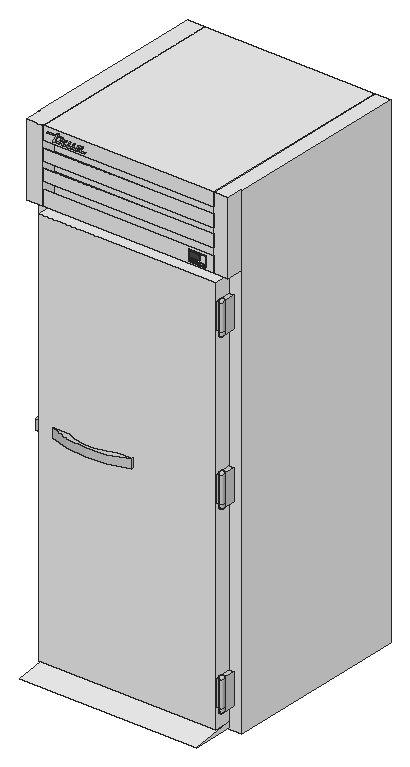
Revit family
Parameters
  Weight in Pounds = 0
  Watts = 2000 W
  Volts = 115 V
  URL Cutsheet = "www.truemfg.com"
  URL = "www.truemfg.com"
  Type Mark [instance] = ""
  Type Comments = ""
  Status [instance] = ""
  Specification by User [instance] = ""
  Specification by Manufacturer = ""
  Show Logo [instance] = yes
  Show Clearance [instance] = yes
  Serial Number = ""
  Seismic Rating = ""
  SMACNA No = ""
  Revision Code [instance] = ""
  Phase = 1
  Omniclass Number and Title = ""
  Number of Poles [instance] = 1
  NAFEM Spec ID Number = ""
  Model = "STA1HRI-1S"
  Min Ckt Ampacity = 0 A
  Max Overcurrent Protection = 0 A
  Masterspec = ""
  Manufacturer = "TRUE FOOD SERVICE EQUIPMENT, INC."
  Length = 35"
  Item Number [instance] = ""
  Installed By [instance] = ""
  Identify Quantity as Lot [instance] = yes
  Height = 83 3/4"
  HP = ""
  Furnished By [instance] = ""
  Foodservice Equipment Identifier [instance] = yes
  FL Amps = Watts / Volts  # 17.3913 A
  Electrical Remarks [instance] = ""
  Electric Connection Type [instance] = ""
  Elec Conn RI Height [instance] = 0"
  Elec Conn Connection Height [instance] = 0"
  Description = "Reach-in Solid Swing Heated Cabinet"
  Depth = 34 3/4"
  Cycle = 60 Hz
  Conn Plug = "14-20P"
  Conn Conduit = yes
  CSI MasterFormat = ""
  CSI Master Format = ""
  Apparent Power = if(Phase = 3, Volts * FL Amps * 1.73, Volts * FL Amps)  # 2000 VA
Reference planes (in)
  plane 1 "BACK": y = 0
  plane 2: z = 0
  plane 3 "LEFT": x = 0
  plane 4 "RIGHT": x = 35
  plane 5 "FRONT": y = -34.75
  plane 6 "TOP": z = 83.75
  plane 7: x = 2.84375
  plane 8: y = -34.7042
  plane 9: x = 32.15625
  plane 10: z = 69.90625
Forms (in)
  Extrusion 1, solid, material "QF_Finishes_Chrome - Satin"
    sketch origin (0.05, 0, 0) x (1, 0, 0) y (0, 1, 0)
      loop
        line (-0.05, 0) -> (-0.05, -32) -> (2.87859, -32) -> (2.87859, 0) -> (-0.05, 0)
    from 0 to 83.75
  Extrusion 2, solid, material "QF_Finishes_Chrome - Satin"
    sketch origin (50.15, 0, 0) x (1, 0, 0) y (0, 1, 0)
      loop
        line (-17.85, 0) -> (-17.85, -32) -> (-15.15, -32) -> (-15.15, 0) -> (-17.85, 0)
    from 0 to 83.75
  Extrusion 3, solid, material "QF_Finishes_Chrome - Satin"
    sketch origin (0, 0, 0) x (0, 1, 0) y (0, 0, 1)
      loop
        line (-34.7042, 71.28125) -> (-32, 71.28125) -> (-32, 0) -> (0, 0) -> (0, 83.75) -> (-34.7042, 83.75) -> (-34.7042, 81.46828) -> (-32.5, 79.90102) -> (-32.5, 78.77875) -> (-34.7042, 80.34601) -> (-34.7042, 78.2123) -> (-32.5, 76.64504) -> (-32.5, 75.68428) -> (-34.7042, 77.25154) -> (-34.7042, 75.15534) -> (-32.5, 73.58807) -> (-32.5, 72.3125) -> (-34.7042, 73.87976) -> (-34.7042, 71.28125)
    from 2.92859 to 32.3
  Extrusion 4, solid, material "QF_Finishes_Chrome - Satin"
    sketch origin (0, 0, 0) x (1, 0, 0) y (0, 1, 0)
      loop
        line (34.84782, -32) -> (32.3, -32) -> (32.3, -34.75) -> (34.84782, -34.75) -> (34.84782, -32)
    from 71.28125 to 83.75
  Extrusion 5, solid, material "QF_Finishes_Chrome - Satin"
    sketch origin (-50.125, 0, 0.25) x (1, 0, 0) y (0, 1, 0)
      loop
        line (53.05359, -32) -> (50.24109, -32) -> (50.24109, -34.75) -> (53.05359, -34.75) -> (53.05359, -32)
    from 71.03125 to 83.5
  Extrusion 6, solid, material "QF_Finishes_Chrome - Satin"
    sketch origin (-24.96875, -1, -0.71875) x (1, 0, 0) y (0, 0, 1)
      loop
        line (27.25, 1.71875) -> (57.65625, 1.71875) -> (57.65625, 70.625) -> (27.25, 70.625) -> (27.25, 1.71875)
    from 31 to 33.75
  Extrusion 7, solid, material "QF_Finishes_Handrails and Railings"
    sketch origin (58.625, -0.25, 25.43519) x (1, 0, 0) y (0, 1, 0)
      loop
        line (-53.875, -34.5) -> (-53.875, -34.7)
        arc (-53.875, -34.7) -> (-47.075, -36.14405) -> (-40.275, -34.7) r 16.7325
        line (-40.275, -34.7) -> (-40.275, -34.5) -> (-42.675, -34.5)
        arc (-42.675, -34.5) -> (-47.075, -35.65816) -> (-51.475, -34.5) r 8.93715
        line (-51.475, -34.5) -> (-53.875, -34.5)
    from 10.87731 to 12.37731
  Extrusion 8, solid, material "QF_Finishes_Handrails and Railings"
    sketch origin (-23.375, 0, -3) x (1, 0, 0) y (0, 0, 1)
      loop
        circle (26.4375, 40.0625) r 0.35
      loop
        line (26.47265, 40.33635) -> (26.41715, 40.33635) -> (26.41715, 39.76895) -> (26.47265, 39.76895) -> (26.47265, 40.33635)
    from 33.5 to 33.83066
  Extrusion 9, solid, material "QF_Finishes_Handrails and Railings", visible <- "Show Logo"
    sketch origin (0.33478, 0.06376, 5.01857) x (1, 0, 0) y (0, 0, 1)
      loop
        line (3.46044, 78.08731) -> (3.35478, 77.86073) -> (4.76027, 77.86073)
        arc (4.76027, 77.86073) -> (4.78879, 77.81028) -> (4.76027, 77.75984) r 0.05887
        line (4.76027, 77.75984) -> (4.39369, 76.97372)
        arc (4.39369, 76.97372) -> (4.39051, 76.90091) -> (4.43975, 76.84717) r 0.09523
        line (4.43975, 76.84717) -> (5.33844, 76.84717)
        arc (5.33844, 76.84717) -> (5.45192, 76.88295) -> (5.52436, 76.97735) r 0.19785
        line (5.52436, 76.97735) -> (5.81285, 77.59601) -> (6.0779, 77.59601)
        arc (6.0779, 77.59601) -> (6.14744, 77.57043) -> (6.13737, 77.49703) r 0.05911
        line (6.13737, 77.49703) -> (5.89598, 76.97937)
        arc (5.89598, 76.97937) -> (5.89974, 76.8934) -> (5.97231, 76.84717) r 0.09318
        line (5.97231, 76.84717) -> (6.76198, 76.84717)
        arc (6.76198, 76.84717) -> (6.82249, 76.86919) -> (6.85468, 76.92495) r 0.09412
        arc (6.85468, 76.92495) -> (6.87746, 76.86995) -> (6.93246, 76.84717) r 0.07778
        line (6.93246, 76.84717) -> (7.43246, 76.84717)
        arc (7.43246, 76.84717) -> (7.49022, 76.86265) -> (7.53251, 76.90493) r 0.11552
        arc (7.53251, 76.90493) -> (7.55275, 76.85606) -> (7.60162, 76.83581) r 0.06912
        line (7.60162, 76.83581) -> (8.31225, 76.83581)
        arc (8.31225, 76.83581) -> (8.37034, 76.85988) -> (8.39441, 76.91797) r 0.08216
        arc (8.39441, 76.91797) -> (8.44767, 76.86472) -> (8.52042, 76.84522) r 0.14551
        line (8.52042, 76.84522) -> (9.85158, 76.84522) -> (9.99946, 77.10134) -> (8.65678, 77.10134)
        arc (8.65678, 77.10134) -> (8.61972, 77.12704) -> (8.61834, 77.17211) r 0.05009
        line (8.61834, 77.17211) -> (8.64157, 77.22192)
        arc (8.64157, 77.22192) -> (8.67723, 77.26864) -> (8.73327, 77.28635) r 0.09747
        line (8.73327, 77.28635) -> (9.16485, 77.28635)
        arc (9.16485, 77.28635) -> (9.258, 77.31131) -> (9.32619, 77.3795) r 0.1863
        line (9.32619, 77.3795) -> (9.45119, 77.59601)
        arc (9.45119, 77.59601) -> (9.45119, 77.71157) -> (9.35111, 77.76934) r 0.11556
        line (9.35111, 77.76934) -> (8.89562, 77.76934)
        arc (8.89562, 77.76934) -> (8.7795, 77.74962) -> (8.69849, 77.66412) r 0.18605
        line (8.69849, 77.66412) -> (8.48204, 77.19993)
        arc (8.48204, 77.19993) -> (8.41815, 77.11667) -> (8.31806, 77.08511) r 0.1745
        line (8.31806, 77.08511) -> (7.84559, 77.08511)
        arc (7.84559, 77.08511) -> (7.78903, 77.14684) -> (7.79268, 77.23048) r 0.10939
        line (7.79268, 77.23048) -> (8.04395, 77.76934) -> (7.88403, 77.76934) -> (7.61781, 77.19844)
        arc (7.61781, 77.19844) -> (7.56609, 77.13103) -> (7.48505, 77.10548) r 0.14128
        line (7.48505, 77.10548) -> (7.15925, 77.10548)
        arc (7.15925, 77.10548) -> (7.10419, 77.17723) -> (7.116, 77.26689) r 0.11816
        line (7.116, 77.26689) -> (7.3503, 77.76934) -> (7.18514, 77.76934) -> (6.91546, 77.191)
        arc (6.91546, 77.191) -> (6.85285, 77.12839) -> (6.76733, 77.10548) r 0.17104
        line (6.76733, 77.10548) -> (6.29555, 77.10548)
        arc (6.29555, 77.10548) -> (6.21082, 77.14499) -> (6.20267, 77.23813) r 0.0935
        line (6.20267, 77.23813) -> (6.35774, 77.57069) -> (6.57695, 77.57069)
        arc (6.57695, 77.57069) -> (6.61395, 77.68217) -> (6.69267, 77.76934) r 0.2857
        line (6.69267, 77.76934) -> (5.83605, 77.76934)
        arc (5.83605, 77.76934) -> (5.74086, 77.74824) -> (5.67498, 77.67635) r 0.16212
        line (5.67498, 77.67635) -> (5.44279, 77.17841)
        arc (5.44279, 77.17841) -> (5.3894, 77.12502) -> (5.31647, 77.10548) r 0.14586
        line (5.31647, 77.10548) -> (4.80506, 77.10548)
        arc (4.80506, 77.10548) -> (4.76514, 77.15942) -> (4.77274, 77.22609) r 0.09155
        line (4.77274, 77.22609) -> (5.11018, 77.86073) -> (5.96155, 77.86073) -> (6.06721, 78.08731) -> (5.21584, 78.08731) -> (5.32149, 78.31388) -> (5.01862, 78.31388) -> (4.91297, 78.08731) -> (3.46044, 78.08731)
      loop
        arc (8.83805, 77.56363) -> (8.80119, 77.55375) -> (8.7742, 77.52676) r 0.07373
        line (8.7742, 77.52676) -> (8.75229, 77.45936)
        arc (8.75229, 77.45936) -> (8.76245, 77.43483) -> (8.78699, 77.42466) r 0.0347
        line (8.78699, 77.42466) -> (9.15948, 77.42466)
        arc (9.15948, 77.42466) -> (9.18632, 77.43061) -> (9.20812, 77.44734) r 0.0635
        line (9.20812, 77.44734) -> (9.22624, 77.53122)
        arc (9.22624, 77.53122) -> (9.22091, 77.55368) -> (9.20009, 77.56363) r 0.02676
        line (9.20009, 77.56363) -> (8.83805, 77.56363)
    from 34.76797 to 34.83173
  Extrusion 10, solid, material "QF_Finishes_White"
    sketch origin (-22.74812, 0.0458, -7.91247) x (1, 0, 0) y (0, 0, 1)
      loop
        line (50.81732, 81.35727) -> (50.81732, 79.60996) -> (53.72357, 79.60996) -> (53.72357, 81.35727) -> (50.81732, 81.35727)
    from 34.75 to 34.76797
  Extrusion 11, solid, material "QF_Finishes_Black"
    sketch origin (-22.74812, 0.0458, -7.91247) x (1, 0, 0) y (0, 0, 1)
      loop
        line (53.78607, 81.41977) -> (50.75482, 81.41977) -> (50.75482, 79.54746) -> (53.78607, 79.54746) -> (53.78607, 81.41977)
      loop
        spline (50.95482, 79.87872) -> (50.96333, 79.86254) -> (50.98831, 79.84747) -> (51.02804, 79.83452) -> (51.07982, 79.82459) -> (51.14011, 79.81835) -> (51.20482, 79.81622) -> (51.26952, 79.81835) -> (51.32982, 79.82459) -> (51.38159, 79.83452) -> (51.42132, 79.84747) -> (51.4463, 79.86254) -> (51.45482, 79.87872)
        spline (51.45482, 79.87872) -> (51.4463, 79.89489) -> (51.42132, 79.90997) -> (51.38159, 79.92291) -> (51.32982, 79.93284) -> (51.26952, 79.93909) -> (51.20482, 79.94122) -> (51.14011, 79.93909) -> (51.07982, 79.93284) -> (51.02804, 79.92291) -> (50.98831, 79.90997) -> (50.96333, 79.89489) -> (50.95482, 79.87872)
      loop
        spline (51.65083, 79.87872) -> (51.65935, 79.86254) -> (51.68432, 79.84747) -> (51.72405, 79.83452) -> (51.77583, 79.82459) -> (51.83612, 79.81835) -> (51.90083, 79.81622) -> (51.96553, 79.81835) -> (52.02583, 79.82459) -> (52.07761, 79.83452) -> (52.11734, 79.84747) -> (52.14231, 79.86254) -> (52.15083, 79.87872)
        spline (52.15083, 79.87872) -> (52.14231, 79.89489) -> (52.11734, 79.90997) -> (52.07761, 79.92291) -> (52.02583, 79.93284) -> (51.96553, 79.93909) -> (51.90083, 79.94122) -> (51.83612, 79.93909) -> (51.77583, 79.93284) -> (51.72405, 79.92291) -> (51.68432, 79.90997) -> (51.65935, 79.89489) -> (51.65083, 79.87872)
      loop
        spline (52.40083, 79.87872) -> (52.40935, 79.86254) -> (52.43432, 79.84747) -> (52.47405, 79.83452) -> (52.52583, 79.82459) -> (52.58612, 79.81835) -> (52.65083, 79.81622) -> (52.71553, 79.81835) -> (52.77583, 79.82459) -> (52.82761, 79.83452) -> (52.86734, 79.84747) -> (52.89231, 79.86254) -> (52.90083, 79.87872)
        spline (52.90083, 79.87872) -> (52.89231, 79.89489) -> (52.86734, 79.90997) -> (52.82761, 79.92291) -> (52.77583, 79.93284) -> (52.71553, 79.93909) -> (52.65083, 79.94122) -> (52.58612, 79.93909) -> (52.52583, 79.93284) -> (52.47405, 79.92291) -> (52.43432, 79.90997) -> (52.40935, 79.89489) -> (52.40083, 79.87872)
      loop
        line (50.95481, 81.21978) -> (50.95481, 80.21978) -> (52.65433, 80.21978) -> (52.65433, 81.21978) -> (50.95481, 81.21978)
      loop
        line (53.72357, 81.35727) -> (50.81732, 81.35727) -> (50.81732, 79.60996) -> (53.72357, 79.60996) -> (53.72357, 81.35727)
      loop
        spline (53.15083, 79.87872) -> (53.15935, 79.86254) -> (53.18432, 79.84747) -> (53.22405, 79.83452) -> (53.27583, 79.82459) -> (53.33612, 79.81835) -> (53.40083, 79.81622) -> (53.46553, 79.81835) -> (53.52583, 79.82459) -> (53.57761, 79.83452) -> (53.61734, 79.84747) -> (53.64231, 79.86254) -> (53.65083, 79.87872)
        spline (53.65083, 79.87872) -> (53.64231, 79.89489) -> (53.61734, 79.90997) -> (53.57761, 79.92291) -> (53.52583, 79.93284) -> (53.46553, 79.93909) -> (53.40083, 79.94122) -> (53.33612, 79.93909) -> (53.27583, 79.93284) -> (53.22405, 79.92291) -> (53.18432, 79.90997) -> (53.15935, 79.89489) -> (53.15083, 79.87872)
    from 34.76797 to 34.80335
  Extrusion 12, solid
    sketch origin (-25.125, 0, 0) x (1, 0, 0) y (0, 0, 1)
      loop
        circle (56.875, 81.625) r 0.25
    from 0 to 0.0625
  Blend 13, solid, material "QF_Finishes_Handrails and Railings"
    base sketch origin (27.53125, -1, -1) x (-1, 0, 0) y (0, 0, -1)
      loop
        line (25.25, -38.99169) -> (26, -38.99169) -> (26, -37.24169) -> (25.25, -37.24169) -> (25.25, -38.99169)
    top sketch origin (27.53125, 0, -1) x (-1, 0, 0) y (0, 0, -1)
      loop
        line (26.18223, -36.6441) -> (25.25, -36.6441) -> (25.25, -39.42643) -> (26.18223, -39.42643) -> (26.18223, -36.6441)
    from 33.57883 to 32
  Extrusion 14, solid, material "QF_Finishes_Handrails and Railings"
    sketch origin (33.78125, 0, 3) x (0, 1, 0) y (0, 0, -1)
      loop
        line (-32, -64.17729) -> (-32, -58.86127) -> (-34.25, -58.86127) -> (-34.25, -59.57348) -> (-33.81497, -59.57348) -> (-33.81497, -63.97276)
        arc (-33.81497, -63.97276) -> (-33.75506, -64.11738) -> (-33.61044, -64.17729) r 0.20453
        line (-33.61044, -64.17729) -> (-32, -64.17729)
    from 0.17506 to 1
  Revolve 15, solid, material "QF_Finishes_Handrails and Railings"
    sketch origin (33.28125, 0, 3) x (0, 1, 0) y (0, 0, -1)
      loop
        line (-34.26563, -59.62689) -> (-34.67229, -59.62689) -> (-34.67229, -64.0986)
        arc (-34.67229, -64.0986) -> (-34.53722, -64.35057) -> (-34.26563, -64.43983) r 0.3848
        line (-34.26563, -64.43983) -> (-34.26563, -59.62689)
      loop
        line (-34.26563, -59.57348) -> (-34.26563, -58.67281)
        arc (-34.26563, -58.67281) -> (-34.53264, -58.75883) -> (-34.67229, -59.00212) r 0.38884
        line (-34.67229, -59.00212) -> (-34.67229, -59.57348) -> (-34.26563, -59.57348)
      axis (-34.26563, -58.67281) -> (-34.26563, -64.43983)
    angle from 0 to 360
  Extrusion 16, solid, material "QF_Finishes_Handrails and Railings"
    sketch origin (27.5, -1.07734, 3.0011) x (-1, 0, 0) y (0, 0, -1)
      loop
        line (-5.58509, -64.0986) -> (-5.1875, -64.0986) -> (-5.1875, -59.62579) -> (-5.58509, -59.62579) -> (-5.58509, -64.0986)
    from 32.81497 to 33.59495
  Extrusion 17, solid, material "QF_Finishes_Handrails and Railings"
    sketch origin (33.78125, 0, -24) x (0, 1, 0) y (0, 0, -1)
      loop
        line (-32, -64.55229) -> (-32, -59.23627) -> (-34.25, -59.23627) -> (-34.25, -59.94848) -> (-33.81497, -59.94848) -> (-33.81497, -64.34776)
        arc (-33.81497, -64.34776) -> (-33.75506, -64.49238) -> (-33.61044, -64.55229) r 0.20453
        line (-33.61044, -64.55229) -> (-32, -64.55229)
    from 0.17506 to 1
  Revolve 18, solid, material "QF_Finishes_Handrails and Railings"
    sketch origin (33.28125, 0, -24) x (0, 1, 0) y (0, 0, -1)
      loop
        line (-34.26563, -60.00189) -> (-34.67229, -60.00189) -> (-34.67229, -64.4736)
        arc (-34.67229, -64.4736) -> (-34.53722, -64.72557) -> (-34.26563, -64.81483) r 0.3848
        line (-34.26563, -64.81483) -> (-34.26563, -60.00189)
      loop
        line (-34.26563, -59.94848) -> (-34.26563, -59.04781)
        arc (-34.26563, -59.04781) -> (-34.53264, -59.13383) -> (-34.67229, -59.37712) r 0.38884
        line (-34.67229, -59.37712) -> (-34.67229, -59.94848) -> (-34.26563, -59.94848)
      axis (-34.26563, -59.04781) -> (-34.26563, -64.81483)
    angle from 0 to 360
  Extrusion 19, solid, material "QF_Finishes_Handrails and Railings"
    sketch origin (27.5, -1.07734, -23.9989) x (-1, 0, 0) y (0, 0, -1)
      loop
        line (-5.58509, -64.4736) -> (-5.1875, -64.4736) -> (-5.1875, -60.00079) -> (-5.58509, -60.00079) -> (-5.58509, -64.4736)
    from 32.81497 to 33.59495
  Extrusion 20, solid, material "QF_Finishes_Handrails and Railings"
    sketch origin (33.78125, 0, -55.5) x (0, 1, 0) y (0, 0, -1)
      loop
        line (-32, -64.55229) -> (-32, -59.23627) -> (-34.25, -59.23627) -> (-34.25, -59.94848) -> (-33.81497, -59.94848) -> (-33.81497, -64.34776)
        arc (-33.81497, -64.34776) -> (-33.75506, -64.49238) -> (-33.61044, -64.55229) r 0.20453
        line (-33.61044, -64.55229) -> (-32, -64.55229)
    from 0.17506 to 1
  Revolve 21, solid, material "QF_Finishes_Handrails and Railings"
    sketch origin (33.28125, 0, -55.5) x (0, 1, 0) y (0, 0, -1)
      loop
        line (-34.26563, -60.00189) -> (-34.67229, -60.00189) -> (-34.67229, -64.4736)
        arc (-34.67229, -64.4736) -> (-34.53722, -64.72557) -> (-34.26563, -64.81483) r 0.3848
        line (-34.26563, -64.81483) -> (-34.26563, -60.00189)
      loop
        line (-34.26563, -59.94848) -> (-34.26563, -59.04781)
        arc (-34.26563, -59.04781) -> (-34.53264, -59.13383) -> (-34.67229, -59.37712) r 0.38884
        line (-34.67229, -59.37712) -> (-34.67229, -59.94848) -> (-34.26563, -59.94848)
      axis (-34.26563, -59.04781) -> (-34.26563, -64.81483)
    angle from 0 to 360
  Extrusion 22, solid, material "QF_Finishes_Handrails and Railings"
    sketch origin (27.5, -1.07734, -55.4989) x (-1, 0, 0) y (0, 0, -1)
      loop
        line (-5.58509, -64.4736) -> (-5.1875, -64.4736) -> (-5.1875, -60.00079) -> (-5.58509, -60.00079) -> (-5.58509, -64.4736)
    from 32.81497 to 33.59495
  Extrusion 23, solid, material "QF_Finishes_Door Clearance", visible <- "Show Clearance", detail levels coarse
    sketch origin (26.42841, -3.6098, 0) x (1, 0, 0) y (0, 1, 0)
      loop
        line (6.25909, -31.1402) -> (-24.14716, -31.1402)
        arc (-24.14716, -31.1402) -> (-15.24138, -52.64067) -> (6.25909, -61.54645) r 30.40625
        line (6.25909, -61.54645) -> (6.25909, -31.1402)
    from 1 to 69.90625
  Extrusion 24, solid, material "QF_Finishes_Chrome - Satin"
    sketch origin (32.6875, -1, 8.03125) x (0, 0, 1) y (0, -1, 0)
      loop
        line (-8.03125, 37.875) -> (-8.03125, 31) -> (-7.03125, 31) -> (-8.03125, 37.875)
    from 0 to -30.40625
Cuts and joins
  joined: Extrusion 1, Extrusion 2, Extrusion 4, Extrusion 5
Lines and regions (in)
  symbolic lines
    curve 1: line (0, 0, 0) -> (35, 0, 0)
    curve 2: line (0, -34.75, 0) -> (0, 0, 0)
    curve 3: line (35, -34.75, 0) -> (0, -34.75, 0)
    curve 4: line (35, 0, 0) -> (35, -34.75, 0)
    curve 5: line (35, -32.5, 0) -> (0, -32.5, 0)
    curve 6: arc (15.95746, -34.75, 0) -> (11.55746, -35.90816, 0) -> (7.15746, -34.75, 0) r 8.93715
    curve 7: arc (4.75746, -34.95, 0) -> (11.55746, -36.39405, 0) -> (18.35746, -34.95, 0) r 16.7325
    curve 8: line (4.75746, -34.75, 0) -> (4.75746, -34.95, 0)
    curve 9: line (18.35746, -34.95, 0) -> (18.35746, -34.75, 0)
  symbolic lines, style "QF-Door Swings", visible <- "Show Clearance", detail levels coarse
    curve 10: line (32.6875, -34.75, 0) -> (32.6875, -65.15625, 0)
    curve 11: arc (32.6875, -65.15625, 0) -> (11.18703, -56.25047, 0) -> (2.28125, -34.75, 0) r 30.40625
Dimensions and locks (in)
  "Depth": plane 5 "FRONT" to plane 1 "BACK"
  plane 6 "TOP" to level = 83 3/4"  (x2)
  Extrusion 6 sketch curve to Extrusion 6 sketch curve = 30 13/32"
  Extrusion 6 to plane 1 "BACK" = 34 3/4"
  "Length": plane 3 "LEFT" to plane 4 "RIGHT"
  plane 4 "RIGHT" to plane 3 "LEFT" = 35"
  plane 10 to level = 69 29/32"
  aligned and locked: level to plane 2
Automatic sketch dimensions
  Extrusion 1 sketch curve to plane 3 "LEFT" = 0"
  plane 1 "BACK" to Extrusion 1 sketch curve = 0"
  Extrusion 1 sketch curve to Extrusion 1 sketch curve = 2.92859"
  Extrusion 1 sketch curve to plane 5 "FRONT" = 2 3/4"
  plane 1 "BACK" to Extrusion 2 sketch curve = 0"
  Extrusion 2 sketch curve to plane 4 "RIGHT" = 0"
  Extrusion 2 sketch curve to plane 5 "FRONT" = 2 3/4"
  plane 5 "FRONT" to Extrusion 4 sketch curve = 0"
  Extrusion 4 sketch curve to plane 4 "RIGHT" = 0.15218"
  Extrusion 4 sketch curve to plane 5 "FRONT" = 2 3/4"
  plane 5 "FRONT" to Extrusion 5 sketch curve = 0"
  plane 3 "LEFT" to Extrusion 5 sketch curve = 0.11609"
  Extrusion 5 sketch curve to Extrusion 5 sketch curve = 2 13/16"
  Extrusion 5 sketch curve to plane 5 "FRONT" = 2 3/4"
  plane 5 "FRONT" to Extrusion 7 sketch curve = 0"  (x2)
  Extrusion 7 sketch curve to Extrusion 7 sketch curve = 2.4"  (x2)
  Extrusion 7 sketch curve to Extrusion 7 sketch curve = 4.4"
  Extrusion 7 sketch curve to Extrusion 7 sketch curve = 0"
  Extrusion 7 sketch curve to Extrusion 7 sketch curve = 0.2"
  Extrusion 7 sketch curve to plane 5 "FRONT" = 7.77899"
  Extrusion 7 sketch curve to Extrusion 7 sketch curve = 7.30945"
  Extrusion 8 sketch curve to Extrusion 8 sketch curve = 0.02035"
  Extrusion 8 sketch curve to Extrusion 8 sketch curve = 0.0555"
  Extrusion 8 sketch curve to Extrusion 8 sketch curve = 0.29355"
  Extrusion 8 sketch curve to Extrusion 8 sketch curve = 0.27385"
  plane 3 "LEFT" to Extrusion 9 sketch curve = 3.68957"
  Extrusion 9 sketch curve to Extrusion 9 sketch curve = 0.10565"  (x5)
  Extrusion 9 sketch curve to Extrusion 9 sketch curve = 1.03891"
  Extrusion 9 sketch curve to Extrusion 9 sketch curve = 0.04606"
  Extrusion 9 sketch curve to Extrusion 9 sketch curve = 0.04025"
  Extrusion 9 sketch curve to Extrusion 9 sketch curve = 0.33624"
  Extrusion 9 sketch curve to Extrusion 9 sketch curve = 0.03034"  (x2)
  Extrusion 9 sketch curve to Extrusion 9 sketch curve = 0.29274"
  Extrusion 9 sketch curve to Extrusion 9 sketch curve = 0.03232"
  Extrusion 9 sketch curve to Extrusion 9 sketch curve = 0.08083"
  Extrusion 9 sketch curve to Extrusion 9 sketch curve = 0.1527"
  Extrusion 9 sketch curve to Extrusion 9 sketch curve = 0.19721"
  Extrusion 9 sketch curve to Extrusion 9 sketch curve = 0.4629"
  Extrusion 9 sketch curve to Extrusion 9 sketch curve = 0.02197"
  Extrusion 9 sketch curve to Extrusion 9 sketch curve = 0.12632"
  Extrusion 9 sketch curve to Extrusion 9 sketch curve = 0.18591"
  Extrusion 9 sketch curve to Extrusion 9 sketch curve = 0.2322"
  Extrusion 9 sketch curve to Extrusion 9 sketch curve = 0.13786"
  Extrusion 9 sketch curve to Extrusion 9 sketch curve = 0.00907"
  Extrusion 9 sketch curve to Extrusion 9 sketch curve = 0.01413"
  Extrusion 9 sketch curve to Extrusion 9 sketch curve = 0.37162"
  Extrusion 9 sketch curve to Extrusion 9 sketch curve = 0.12551"
  Extrusion 9 sketch curve to Extrusion 9 sketch curve = 0.07633"
  Extrusion 9 sketch curve to Extrusion 9 sketch curve = 0.08445"
  Extrusion 9 sketch curve to Extrusion 9 sketch curve = 0.25598"
  Extrusion 9 sketch curve to Extrusion 9 sketch curve = 0.01887"
  Extrusion 9 sketch curve to Extrusion 9 sketch curve = 0.04061"
  Extrusion 9 sketch curve to Extrusion 9 sketch curve = 0.0653"
  Extrusion 9 sketch curve to Extrusion 9 sketch curve = 0.08474"
  Extrusion 9 sketch curve to Extrusion 9 sketch curve = 0.00815"
  Extrusion 9 sketch curve to Extrusion 9 sketch curve = 0.22037"
  Extrusion 9 sketch curve to Extrusion 9 sketch curve = 0.21921"
  Extrusion 9 sketch curve to Extrusion 9 sketch curve = 0.11572"
  Extrusion 9 sketch curve to Extrusion 9 sketch curve = 0.46643"
  Extrusion 9 sketch curve to Extrusion 9 sketch curve = 0.00535"
  Extrusion 9 sketch curve to Extrusion 9 sketch curve = 0.09269"
  Extrusion 9 sketch curve to Extrusion 9 sketch curve = 0.09348"
  Extrusion 9 sketch curve to Extrusion 9 sketch curve = 0.14812"
  Extrusion 9 sketch curve to Extrusion 9 sketch curve = 0.07778"  (x3)
  Extrusion 9 sketch curve to Extrusion 9 sketch curve = 0.20054"
  Extrusion 9 sketch curve to Extrusion 9 sketch curve = 0.04325"
  Extrusion 9 sketch curve to Extrusion 9 sketch curve = 0.32433"
  Extrusion 9 sketch curve to Extrusion 9 sketch curve = 0.10233"  (x2)
  Extrusion 9 sketch curve to Extrusion 9 sketch curve = 0.16515"
  Extrusion 9 sketch curve to Extrusion 9 sketch curve = 0.27321"
  Extrusion 9 sketch curve to Extrusion 9 sketch curve = 0.0526"
  Extrusion 9 sketch curve to Extrusion 9 sketch curve = 0.10005"
  Extrusion 9 sketch curve to Extrusion 9 sketch curve = 0.06912"
  Extrusion 9 sketch curve to Extrusion 9 sketch curve = 0.13276"
  Extrusion 9 sketch curve to Extrusion 9 sketch curve = 0.17486"
  Extrusion 9 sketch curve to Extrusion 9 sketch curve = 0.05291"
  Extrusion 9 sketch curve to Extrusion 9 sketch curve = 0.53374"
  Extrusion 9 sketch curve to Extrusion 9 sketch curve = 0.09914"  (x2)
  Extrusion 9 sketch curve to Extrusion 9 sketch curve = 0.15992"
  Extrusion 9 sketch curve to Extrusion 9 sketch curve = 0.46666"
  Extrusion 9 sketch curve to Extrusion 9 sketch curve = 0.00582"
  Extrusion 9 sketch curve to Extrusion 9 sketch curve = 0.08216"
  Extrusion 9 sketch curve to Extrusion 9 sketch curve = 0.16397"
  Extrusion 9 sketch curve to Extrusion 9 sketch curve = 0.12601"
  Extrusion 9 sketch curve to Extrusion 9 sketch curve = 0.1363"
  Extrusion 9 sketch curve to Extrusion 9 sketch curve = 0.02323"
  Extrusion 9 sketch curve to Extrusion 9 sketch curve = 0.03844"
  Extrusion 9 sketch curve to Extrusion 9 sketch curve = 0.0454"
  Extrusion 9 sketch curve to Extrusion 9 sketch curve = 0.05693"
  Extrusion 9 sketch curve to Extrusion 9 sketch curve = 0.0917"
  Extrusion 9 sketch curve to Extrusion 9 sketch curve = 0.01902"
  Extrusion 9 sketch curve to Extrusion 9 sketch curve = 0.02191"
  Extrusion 9 sketch curve to Extrusion 9 sketch curve = 0.0347"
  Extrusion 9 sketch curve to Extrusion 9 sketch curve = 0.06385"
  Extrusion 9 sketch curve to Extrusion 9 sketch curve = 0.02906"
  Extrusion 9 sketch curve to Extrusion 9 sketch curve = 0.02851"
  Extrusion 9 sketch curve to Extrusion 9 sketch curve = 0.29237"
  Extrusion 9 sketch curve to Extrusion 9 sketch curve = 0.00537"
  Extrusion 9 sketch curve to Extrusion 9 sketch curve = 0.0406"
  Extrusion 9 sketch curve to Extrusion 9 sketch curve = 0.04327"
  Extrusion 9 sketch curve to Extrusion 9 sketch curve = 0.02615"
  Extrusion 9 sketch curve to Extrusion 9 sketch curve = 0.11806"
  Extrusion 9 sketch curve to Extrusion 9 sketch curve = 0.15103"
  Extrusion 9 sketch curve to Extrusion 9 sketch curve = 0.10007"
  Extrusion 9 sketch curve to Extrusion 9 sketch curve = 0.5254"
  Extrusion 9 sketch curve to Extrusion 9 sketch curve = 0.14787"
  Extrusion 9 sketch curve to plane 6 "TOP" = 1.89562"
  Extrusion 9 sketch curve to Extrusion 9 sketch curve = 0.07275"
  Extrusion 9 sketch curve to Extrusion 9 sketch curve = 0.05776"
  Extrusion 9 sketch curve to Extrusion 9 sketch curve = 0.08631"
  Extrusion 9 sketch curve to Extrusion 9 sketch curve = 0.09282"
  Extrusion 9 sketch curve to Extrusion 9 sketch curve = 0.13018"
  Extrusion 9 sketch curve to Extrusion 9 sketch curve = 0.16714"
  Extrusion 9 sketch curve to Extrusion 9 sketch curve = 0.11061"
  Extrusion 9 sketch curve to Extrusion 9 sketch curve = 0.06046"
  Extrusion 9 sketch curve to Extrusion 9 sketch curve = 0.16548"
  Extrusion 9 sketch curve to Extrusion 9 sketch curve = 0.14279"
  Extrusion 9 sketch curve to Extrusion 9 sketch curve = 0.0496"
  Extrusion 9 sketch curve to Extrusion 9 sketch curve = 0.07293"
  Extrusion 9 sketch curve to Extrusion 9 sketch curve = 0.07764"
  Extrusion 9 sketch curve to Extrusion 9 sketch curve = 0.03794"
  Extrusion 9 sketch curve to Extrusion 9 sketch curve = 0.08552"
  Extrusion 9 sketch curve to Extrusion 9 sketch curve = 0.09296"
  Extrusion 9 sketch curve to Extrusion 9 sketch curve = 0.09314"
  Extrusion 9 sketch curve to Extrusion 9 sketch curve = 0.02781"
  Extrusion 9 sketch curve to Extrusion 9 sketch curve = 0.04981"
  Extrusion 9 sketch curve to Extrusion 9 sketch curve = 0.09315"
  Extrusion 9 sketch curve to Extrusion 9 sketch curve = 0.04799"
  Extrusion 9 sketch curve to Extrusion 9 sketch curve = 0.02531"
  Extrusion 9 sketch curve to Extrusion 9 sketch curve = 0.03054"
  Extrusion 9 sketch curve to Extrusion 9 sketch curve = 0.2589"
  Extrusion 9 sketch curve to Extrusion 9 sketch curve = 0.0674"
  Extrusion 9 sketch curve to Extrusion 9 sketch curve = 0.0324"
  Extrusion 9 sketch curve to Extrusion 9 sketch curve = 0.26185"
  Extrusion 9 sketch curve to Extrusion 9 sketch curve = 11/256"
  Extrusion 9 sketch curve to Extrusion 9 sketch curve = 0.07366"
  Extrusion 9 sketch curve to Extrusion 9 sketch curve = 0.02187"
  Extrusion 9 sketch curve to Extrusion 9 sketch curve = 0.06479"
  Extrusion 9 sketch curve to Extrusion 9 sketch curve = 0.01183"
  Extrusion 9 sketch curve to Extrusion 9 sketch curve = 0.05778"
  Extrusion 9 sketch curve to Extrusion 9 sketch curve = 0.53375"
  Extrusion 9 sketch curve to Extrusion 9 sketch curve = 0.23098"
  Extrusion 9 sketch curve to Extrusion 9 sketch curve = 0"
  Extrusion 9 sketch curve to Extrusion 9 sketch curve = 0.05045"
  Extrusion 9 sketch curve to Extrusion 9 sketch curve = 0.09139"
  Extrusion 9 sketch curve to Extrusion 9 sketch curve = 29/128"  (x3)
  Extrusion 12 sketch curve to plane 6 "TOP" = 2 1/8"
  Blend 13 sketch curve to Blend 13 sketch curve = 1 3/4"
  Blend 13 sketch curve to Blend 13 sketch curve = 2.78233"
  Extrusion 14 sketch curve to plane 5 "FRONT" = 1/2"
  Extrusion 14 sketch curve to Extrusion 14 sketch curve = 0.43503"
  Extrusion 14 sketch curve to Extrusion 14 sketch curve = 0.20453"
  Extrusion 14 sketch curve to Extrusion 14 sketch curve = 1.61044"
  Extrusion 14 sketch curve to plane 6 "TOP" = 16.57271"
  Extrusion 14 sketch curve to Extrusion 14 sketch curve = 4.39928"
  Extrusion 14 sketch curve to Extrusion 14 sketch curve = 0.71221"
  Revolve 15 sketch curve to plane 5 "FRONT" = 0.07771"  (x2)
  Revolve 15 sketch curve to Revolve 15 sketch curve = 0.38242"
  Revolve 15 sketch curve to Revolve 15 sketch curve = 0.38436"
  Revolve 15 sketch curve to plane 5 "FRONT" = 31/64"
  Revolve 15 sketch curve to Revolve 15 sketch curve = 0.40666"
  Revolve 15 sketch curve to Revolve 15 sketch curve = 0"
  Revolve 15 sketch curve to plane 6 "TOP" = 15.75492"
  Revolve 15 sketch curve to Revolve 15 sketch curve = 0.55526"
  Revolve 15 sketch curve to Revolve 15 sketch curve = 0.19474"
  Revolve 15 sketch curve to Revolve 15 sketch curve = 0.14649"
  Revolve 15 sketch curve to Revolve 15 sketch curve = 4.42889"
  Revolve 15 sketch curve to Revolve 15 sketch curve = 0.05342"
  Revolve 15 sketch curve to Revolve 15 sketch curve = 0.51246"
  Revolve 15 sketch curve to Revolve 15 sketch curve = 0.05889"
  Extrusion 16 sketch curve to Extrusion 16 sketch curve = 0.39759"
  Extrusion 16 sketch curve to plane 6 "TOP" = 16.6503"
  Extrusion 16 sketch curve to Extrusion 16 sketch curve = 4.47281"
  Extrusion 17 sketch curve to plane 5 "FRONT" = 1/2"
  Extrusion 17 sketch curve to Extrusion 17 sketch curve = 0.43503"
  Extrusion 17 sketch curve to Extrusion 17 sketch curve = 0.20453"
  Extrusion 17 sketch curve to Extrusion 17 sketch curve = 1.61044"
  Extrusion 17 sketch curve to Extrusion 17 sketch curve = 4.39928"
  Extrusion 17 sketch curve to Extrusion 17 sketch curve = 0.71221"
  Revolve 18 sketch curve to plane 5 "FRONT" = 0.07771"  (x2)
  Revolve 18 sketch curve to Revolve 18 sketch curve = 0.38242"
  Revolve 18 sketch curve to Revolve 18 sketch curve = 0.38436"
  Revolve 18 sketch curve to plane 5 "FRONT" = 31/64"
  Revolve 18 sketch curve to Revolve 18 sketch curve = 0.40666"
  Revolve 18 sketch curve to Revolve 18 sketch curve = 0"
  Revolve 18 sketch curve to Revolve 18 sketch curve = 0.55526"
  Revolve 18 sketch curve to Revolve 18 sketch curve = 0.19474"
  Revolve 18 sketch curve to Revolve 18 sketch curve = 0.14649"
  Revolve 18 sketch curve to Revolve 18 sketch curve = 4.42889"
  Revolve 18 sketch curve to Revolve 18 sketch curve = 0.05342"
  Revolve 18 sketch curve to Revolve 18 sketch curve = 0.51246"
  Revolve 18 sketch curve to Revolve 18 sketch curve = 0.05889"
  Extrusion 19 sketch curve to Extrusion 19 sketch curve = 0.39759"
  Extrusion 19 sketch curve to Extrusion 19 sketch curve = 4.47281"
  Extrusion 20 sketch curve to plane 5 "FRONT" = 1/2"
  Extrusion 20 sketch curve to Extrusion 20 sketch curve = 0.43503"
  Extrusion 20 sketch curve to Extrusion 20 sketch curve = 0.20453"
  Extrusion 20 sketch curve to Extrusion 20 sketch curve = 1.61044"
  Extrusion 20 sketch curve to Extrusion 20 sketch curve = 0.71221"
  Revolve 21 sketch curve to plane 5 "FRONT" = 0.07771"  (x2)
  Revolve 21 sketch curve to Revolve 21 sketch curve = 0.38242"
  Revolve 21 sketch curve to Revolve 21 sketch curve = 0.38436"
  Revolve 21 sketch curve to plane 5 "FRONT" = 31/64"
  Revolve 21 sketch curve to Revolve 21 sketch curve = 0.40666"
  Revolve 21 sketch curve to Revolve 21 sketch curve = 0"
  Revolve 21 sketch curve to Revolve 21 sketch curve = 0.55526"
  Revolve 21 sketch curve to Revolve 21 sketch curve = 0.19474"
  Revolve 21 sketch curve to Revolve 21 sketch curve = 0.14649"
  Revolve 21 sketch curve to Revolve 21 sketch curve = 0.05342"
  Revolve 21 sketch curve to Revolve 21 sketch curve = 0.51246"
  Revolve 21 sketch curve to Revolve 21 sketch curve = 0.05889"
  Extrusion 22 sketch curve to Extrusion 22 sketch curve = 0.39759"
  Extrusion 3 sketch curve to plane 8 = 0"  (x4)
  Extrusion 3 sketch curve to plane 6 "TOP" = 0"
  plane 8 to Extrusion 3 sketch curve = 2.2042"  (x2)
  Extrusion 3 sketch curve to Extrusion 3 sketch curve = 0"
  Extrusion 3 sketch curve to Extrusion 3 sketch curve = 1/2"
  plane 1 "BACK" to Extrusion 3 sketch curve = 0"
  Extrusion 3 sketch curve to plane 6 "TOP" = 2.28172"
  Extrusion 3 sketch curve to Extrusion 3 sketch curve = 1.12227"  (x2)
  Extrusion 3 sketch curve to Extrusion 3 sketch curve = 0.445"
  Extrusion 3 sketch curve to Extrusion 3 sketch curve = 2.13371"  (x2)
  Extrusion 3 sketch curve to Extrusion 3 sketch curve = 0.96076"  (x2)
  Extrusion 3 sketch curve to Extrusion 3 sketch curve = 2.0962"  (x2)
  Extrusion 3 sketch curve to Extrusion 3 sketch curve = 1.27557"  (x2)
  Extrusion 3 sketch curve to Extrusion 3 sketch curve = 1 1/32"
  Blend 13 sketch curve to Blend 13 sketch curve = 3/4"
  Blend 13 sketch curve to Blend 13 sketch curve = 0.93223"
  Extrusion 2 sketch curve to plane 4 "RIGHT" = 2.7"
  Extrusion 4 sketch curve to Extrusion 4 sketch curve = 2.54782"
  plane 7 to Extrusion 7 sketch curve = 1 29/32"
  plane 7 to Extrusion 8 sketch curve = 0.1984"
  Extrusion 12 sketch curve to plane 4 "RIGHT" = 3 1/4"
  Blend 13 sketch curve to plane 7 = 9/16"
  plane 7 to Blend 13 sketch curve = 9/16"
  Extrusion 16 sketch curve to plane 4 "RIGHT" = 1.91491"
  Extrusion 19 sketch curve to plane 4 "RIGHT" = 1.91491"
  Extrusion 22 sketch curve to plane 4 "RIGHT" = 1.91491"
  Extrusion 11 sketch curve to Extrusion 11 sketch curve = 1/4"  (x4)
  Extrusion 11 sketch curve to Extrusion 11 sketch curve = 0.4965"
  Extrusion 11 sketch curve to Extrusion 11 sketch curve = 0.0035"
  Extrusion 11 sketch curve to Extrusion 11 sketch curve = 1/2"
  Extrusion 11 sketch curve to Extrusion 11 sketch curve = 0.44601"
  Extrusion 11 sketch curve to Extrusion 11 sketch curve = 0"  (x3)
  Extrusion 11 sketch curve to Extrusion 11 sketch curve = 0.1375"  (x2)
  Extrusion 11 sketch curve to Extrusion 11 sketch curve = 1/16"  (x4)
  Extrusion 11 sketch curve to plane 6 "TOP" = 12.11501"
  Extrusion 11 sketch curve to Extrusion 11 sketch curve = 0.26876"  (x2)
  Extrusion 11 sketch curve to Extrusion 11 sketch curve = 0.34106"
  Extrusion 11 sketch curve to plane 6 "TOP" = 10.44269"
  Extrusion 10 sketch curve to plane 6 "TOP" = 10.30519"
  Extrusion 10 sketch curve to Extrusion 10 sketch curve = 1.74732"
  Extrusion 10 sketch curve to plane 4 "RIGHT" = 6.9308"
  Extrusion 10 sketch curve to Extrusion 10 sketch curve = 2 29/32"
  Extrusion 11 sketch curve to plane 4 "RIGHT" = 6.9933"
  Extrusion 11 sketch curve to Extrusion 11 sketch curve = 1.06923"
  Extrusion 6 sketch curve to plane 7 = 9/16"
  Extrusion 6 sketch curve to plane 6 "TOP" = 13 27/32"
  plane 1 "BACK" to curve 1 = 0"
  curve 1 to plane 3 "LEFT" = 0"
  plane 5 "FRONT" to curve 11 = 0"
  curve 3 to plane 4 "RIGHT" = 0"
  curve 11 to plane 7 = 9/16"
  plane 7 to curve 8 = 1.91371"
  curve 8 to curve 6 = 2.4"
  curve 7 to curve 6 = 0"
  curve 6 to curve 9 = 2.4"
  curve 11 to plane 4 "RIGHT" = 2 5/16"
  curve 9 to curve 9 = 0.2"
  curve 5 to plane 5 "FRONT" = 2 1/4"
  curve 6 to curve 7 = 7.30945"
  level to Extrusion 3 sketch curve = 0"
  level to Extrusion 6 sketch curve = 1"
  level to Extrusion 8 sketch curve = 36.76895"
  level to Blend 13 sketch curve = 37.99169"
  Blend 13 sketch curve to level = 35.6441"
  level to Extrusion 17 sketch curve = 40.55229"
  level to Revolve 18 sketch curve = 41.37008"
  level to Extrusion 19 sketch curve = 40.4747"
  level to Extrusion 20 sketch curve = 9.05229"
  Extrusion 20 sketch curve to Extrusion 20 sketch curve = 4.39928"
  level to Revolve 21 sketch curve = 9.87008"
  Revolve 21 sketch curve to Revolve 21 sketch curve = 4.42889"
  level to Extrusion 22 sketch curve = 8.9747"
  Extrusion 22 sketch curve to Extrusion 22 sketch curve = 4.47281"
  Extrusion 24 sketch curve to Extrusion 6 = 0"
  Extrusion 6 to Extrusion 24 sketch curve = 0"
  Extrusion 24 sketch curve to Extrusion 24 sketch curve = 1"
  Extrusion 24 sketch curve to Extrusion 6 = 4 1/8"
  Extrusion 23 sketch curve to plane 7 = 9/16"
  Extrusion 23 sketch curve to plane 9 = 17/32"
  plane 5 "FRONT" to Extrusion 23 sketch curve = 0"
  plane 7 to curve 7 = 8.71371"
  curve 6 to plane 5 "FRONT" = 7.77899"
  radius of Extrusion 8 sketch curve = 0.35"
  radius of Extrusion 12 sketch curve = 1/4"
Connectors (in)
  electrical at (31.75, -0.0625, 81.625), driven by "Volts", driven by "Watts"
    settings: on Extrusion 12, index 1, voltage 115 V, apparent load 2000 VA, apparent load phase1 0 VA, apparent load phase2 0 VA, apparent load phase3 0 VA, power factor 1, load classification "Other", number of poles 1, system type 30, power factor state 1, is connector primary yes, connector utility no, sub classification motor no, connector description "Electrical Connection"
